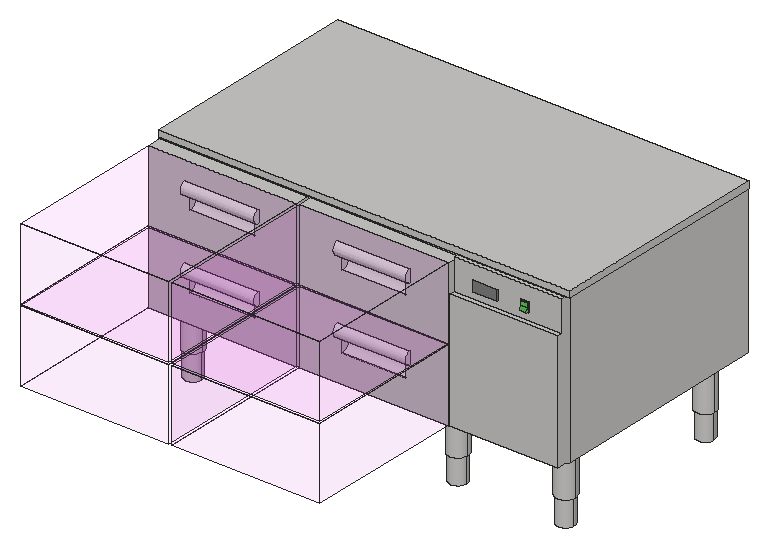
Revit family "QF_ZANUSSI_372295_Z7TTBECOMIN", category Specialty Equipment, Revit 2018 (continued)
Automatic sketch dimensions
  Split face 2 sketch curve to Extrusion 4 = 7.047 mm
  Split face 2 sketch curve to Extrusion 4 = 2.047 mm
  Split face 2 sketch curve to Extrusion 4 = 10 mm
  Split face 2 sketch curve to Split face 2 sketch curve = 11 mm
  Split face 3 sketch curve to Extrusion 4 = 7.047 mm
  Split face 3 sketch curve to Extrusion 4 = 2.047 mm
  Split face 3 sketch curve to Extrusion 4 = 23 mm
  Split face 3 sketch curve to Split face 3 sketch curve = 11 mm
  Split face 4 sketch curve to Extrusion 4 = 7.047 mm
  Split face 4 sketch curve to Extrusion 4 = 2.047 mm
  Split face 4 sketch curve to Extrusion 4 = 34 mm
  Split face 4 sketch curve to Split face 4 sketch curve = 11 mm
  Split face 5 sketch curve to Extrusion 4 = 7.047 mm
  Split face 5 sketch curve to Extrusion 4 = 2.047 mm
  Split face 5 sketch curve to Extrusion 4 = 21 mm
  Split face 5 sketch curve to Extrusion 4 = 10 mm
  Extrusion 5 sketch curve to Extrusion 5 sketch curve = 0 mm  (x3)
  Extrusion 5 sketch curve to Extrusion 3 = 0 mm
  Extrusion 3 to Extrusion 5 sketch curve = 2.279 mm
  Extrusion 5 sketch curve to Extrusion 5 sketch curve = 0.116 mm
  Extrusion 5 sketch curve to Extrusion 5 sketch curve = 12.105 mm
  Extrusion 3 to Extrusion 5 sketch curve = 3.692 mm
  Extrusion 3 to Extrusion 5 sketch curve = 2.395 mm
  Split face 6 sketch curve to Extrusion 2 = 30.5 mm
  Split face 6 sketch curve to Split face 6 sketch curve = 0.02 mm  (x2)
  Split face 6 sketch curve to Split face 6 sketch curve = 31.959 mm
  Split face 6 sketch curve to Extrusion 2 = 118.896 mm
  Split face 6 sketch curve to Split face 6 sketch curve = 4 mm
  Split face 7 sketch curve to Extrusion 2 = 30.5 mm
  Split face 7 sketch curve to Split face 7 sketch curve = 0.02 mm  (x2)
  Split face 7 sketch curve to Split face 7 sketch curve = 31.959 mm
  Split face 7 sketch curve to Extrusion 2 = 106.896 mm
  Split face 7 sketch curve to Split face 7 sketch curve = 4 mm
  Split face 8 sketch curve to Extrusion 2 = 30.5 mm
  Split face 8 sketch curve to Split face 8 sketch curve = 0.02 mm  (x2)
  Split face 8 sketch curve to Split face 8 sketch curve = 31.959 mm
  Split face 8 sketch curve to Extrusion 2 = 94.897 mm
  Split face 8 sketch curve to Split face 8 sketch curve = 4 mm
  Split face 9 sketch curve to Extrusion 2 = 30.5 mm
  Split face 9 sketch curve to Split face 9 sketch curve = 0.02 mm  (x2)
  Split face 9 sketch curve to Split face 9 sketch curve = 31.959 mm
  Split face 9 sketch curve to Extrusion 2 = 82.999 mm
  Split face 9 sketch curve to Split face 9 sketch curve = 4 mm
  Split face 10 sketch curve to Extrusion 2 = 30.5 mm
  Split face 10 sketch curve to Split face 10 sketch curve = 0.02 mm  (x2)
  Split face 10 sketch curve to Split face 10 sketch curve = 31.959 mm
  Split face 10 sketch curve to Extrusion 2 = 71 mm
  Split face 10 sketch curve to Split face 10 sketch curve = 4 mm
  Split face 11 sketch curve to Extrusion 2 = 30.5 mm
  Split face 11 sketch curve to Split face 11 sketch curve = 0.02 mm  (x2)
  Split face 11 sketch curve to Split face 11 sketch curve = 31.959 mm
  Split face 11 sketch curve to Extrusion 2 = 59 mm
  Split face 11 sketch curve to Split face 11 sketch curve = 4 mm
  Split face 12 sketch curve to Extrusion 2 = 30.5 mm
  Split face 12 sketch curve to Split face 12 sketch curve = 0.02 mm  (x2)
  Split face 12 sketch curve to Split face 12 sketch curve = 31.959 mm
  Split face 12 sketch curve to Extrusion 2 = 47 mm
  Split face 12 sketch curve to Split face 12 sketch curve = 4 mm
  Split face 13 sketch curve to Extrusion 2 = 30.5 mm
  Split face 13 sketch curve to Split face 13 sketch curve = 0.02 mm  (x2)
  Split face 13 sketch curve to Split face 13 sketch curve = 31.959 mm
  Split face 13 sketch curve to Extrusion 2 = 35 mm
  Split face 13 sketch curve to Split face 13 sketch curve = 4 mm
  Split face 14 sketch curve to Extrusion 2 = 30.5 mm
  Split face 14 sketch curve to Split face 14 sketch curve = 0.02 mm  (x2)
  Split face 14 sketch curve to Split face 14 sketch curve = 31.959 mm
  Split face 14 sketch curve to Extrusion 2 = 23 mm
  Split face 14 sketch curve to Split face 14 sketch curve = 4 mm
  Split face 15 sketch curve to Extrusion 2 = 30.5 mm
  Split face 15 sketch curve to Split face 15 sketch curve = 0.02 mm  (x2)
  Split face 15 sketch curve to Split face 15 sketch curve = 31.959 mm
  Split face 15 sketch curve to Extrusion 2 = 130.896 mm
  Split face 15 sketch curve to Split face 15 sketch curve = 4 mm
  plane 10 to Extrusion 6 sketch curve = 15 mm
  Extrusion 7 sketch curve to plane 11 = 0 mm
  Extrusion 7 sketch curve to plane 6 "BACK" = 0 mm
  Extrusion 7 sketch curve to plane 14 "TOP" = 0 mm
  plane 14 "TOP" to Extrusion 7 sketch curve = 20 mm
  Extrusion 8 sketch curve to plane 7 "FRONT" = 0 mm  (x3)
  Extrusion 8 sketch curve to plane 14 "TOP" = 90.566 mm
  Extrusion 8 sketch curve to Extrusion 8 sketch curve = 8.275 mm
  Extrusion 9 sketch curve to plane 7 "FRONT" = 0 mm
  Extrusion 9 sketch curve to plane 7 "FRONT" = 2.777 mm
  plane 7 "FRONT" to Extrusion 9 sketch curve = 21.853 mm
  Extrusion 9 sketch curve to plane 11 = 4.5 mm
  plane 15 to Extrusion 9 sketch curve = 86.706 mm
  Extrusion 9 sketch curve to Extrusion 9 sketch curve = 18.821 mm
  Extrusion 10 sketch curve to plane 7 "FRONT" = 0 mm  (x3)
  Extrusion 10 sketch curve to plane 14 "TOP" = 90.566 mm
  Extrusion 10 sketch curve to Extrusion 10 sketch curve = 8.275 mm
  Extrusion 11 sketch curve to plane 7 "FRONT" = 0 mm
  Extrusion 11 sketch curve to plane 7 "FRONT" = 2.777 mm
  plane 7 "FRONT" to Extrusion 11 sketch curve = 21.853 mm
  Extrusion 11 sketch curve to plane 11 = 4.5 mm
  plane 15 to Extrusion 11 sketch curve = 86.706 mm
  Extrusion 11 sketch curve to Extrusion 11 sketch curve = 18.821 mm
  Split face 16 sketch curve to Extrusion 2 = 30.5 mm
  Split face 16 sketch curve to Split face 16 sketch curve = 0.02 mm  (x2)
  Split face 16 sketch curve to Split face 16 sketch curve = 31.959 mm
  Split face 16 sketch curve to Extrusion 2 = 118.208 mm
  Split face 16 sketch curve to Split face 16 sketch curve = 4 mm
  Split face 17 sketch curve to Extrusion 2 = 30.5 mm
  Split face 17 sketch curve to Split face 17 sketch curve = 0.02 mm  (x2)
  Split face 17 sketch curve to Split face 17 sketch curve = 31.959 mm
  Split face 17 sketch curve to Extrusion 2 = 130.208 mm
  Split face 17 sketch curve to Split face 17 sketch curve = 4 mm
  Split face 18 sketch curve to Extrusion 2 = 30.5 mm
  Split face 18 sketch curve to Split face 18 sketch curve = 0.02 mm  (x2)
  Split face 18 sketch curve to Split face 18 sketch curve = 31.959 mm
  Split face 18 sketch curve to Extrusion 2 = 142.208 mm
  Split face 18 sketch curve to Split face 18 sketch curve = 4 mm
  Split face 19 sketch curve to Extrusion 2 = 30.5 mm
  Split face 19 sketch curve to Split face 19 sketch curve = 0.02 mm  (x2)
  Split face 19 sketch curve to Split face 19 sketch curve = 31.959 mm
  Split face 19 sketch curve to Extrusion 2 = 154.896 mm
  Split face 19 sketch curve to Split face 19 sketch curve = 4 mm
  Split face 20 sketch curve to Extrusion 2 = 30.5 mm
  Split face 20 sketch curve to Split face 20 sketch curve = 0.02 mm  (x2)
  Split face 20 sketch curve to Split face 20 sketch curve = 31.959 mm
  Split face 20 sketch curve to Extrusion 2 = 142.896 mm
  Split face 20 sketch curve to Split face 20 sketch curve = 4 mm
  Split face 21 sketch curve to Extrusion 2 = 30.5 mm
  Split face 21 sketch curve to Split face 21 sketch curve = 0.02 mm  (x2)
  Split face 21 sketch curve to Split face 21 sketch curve = 31.959 mm
  Split face 21 sketch curve to Extrusion 2 = 106.208 mm
  Split face 21 sketch curve to Split face 21 sketch curve = 4 mm
  Split face 22 sketch curve to Extrusion 2 = 14.312 mm
  Split face 22 sketch curve to Extrusion 2 = 30.5 mm
  Split face 22 sketch curve to Split face 22 sketch curve = 0.02 mm  (x2)
  Split face 22 sketch curve to Extrusion 2 = 10.312 mm
  Split face 22 sketch curve to Split face 22 sketch curve = 31.959 mm
  Split face 23 sketch curve to Extrusion 2 = 30.5 mm
  Split face 23 sketch curve to Split face 23 sketch curve = 0.02 mm  (x2)
  Split face 23 sketch curve to Split face 23 sketch curve = 31.959 mm
  Split face 23 sketch curve to Extrusion 2 = 22.312 mm
  Split face 23 sketch curve to Split face 23 sketch curve = 4 mm
  Split face 24 sketch curve to Extrusion 2 = 30.5 mm
  Split face 24 sketch curve to Split face 24 sketch curve = 0.02 mm  (x2)
  Split face 24 sketch curve to Split face 24 sketch curve = 31.959 mm
  Split face 24 sketch curve to Extrusion 2 = 34.312 mm
  Split face 24 sketch curve to Split face 24 sketch curve = 4 mm
  Split face 25 sketch curve to Extrusion 2 = 30.5 mm
  Split face 25 sketch curve to Split face 25 sketch curve = 0.02 mm  (x2)
  Split face 25 sketch curve to Split face 25 sketch curve = 31.959 mm
  Split face 25 sketch curve to Extrusion 2 = 46.209 mm
  Split face 25 sketch curve to Split face 25 sketch curve = 4 mm
  Split face 26 sketch curve to Extrusion 2 = 30.5 mm
  Split face 26 sketch curve to Split face 26 sketch curve = 0.02 mm  (x2)
  Split face 26 sketch curve to Split face 26 sketch curve = 31.959 mm
  Split face 26 sketch curve to Extrusion 2 = 58.208 mm
  Split face 26 sketch curve to Split face 26 sketch curve = 4 mm
  Split face 27 sketch curve to Extrusion 2 = 30.5 mm
  Split face 27 sketch curve to Split face 27 sketch curve = 0.02 mm  (x2)
  Split face 27 sketch curve to Split face 27 sketch curve = 31.959 mm
  Split face 27 sketch curve to Extrusion 2 = 70.208 mm
  Split face 27 sketch curve to Split face 27 sketch curve = 4 mm
  Split face 28 sketch curve to Extrusion 2 = 30.5 mm
  Split face 28 sketch curve to Split face 28 sketch curve = 0.02 mm  (x2)
  Split face 28 sketch curve to Split face 28 sketch curve = 31.959 mm
  Split face 28 sketch curve to Extrusion 2 = 82.208 mm
  Split face 28 sketch curve to Split face 28 sketch curve = 4 mm
  Split face 29 sketch curve to Extrusion 2 = 30.5 mm
  Split face 29 sketch curve to Split face 29 sketch curve = 0.02 mm  (x2)
  Split face 29 sketch curve to Split face 29 sketch curve = 31.959 mm
  Split face 29 sketch curve to Extrusion 2 = 94.208 mm
  Split face 29 sketch curve to Split face 29 sketch curve = 4 mm
  Split face 30 sketch curve to Extrusion 2 = 85.5 mm
  Split face 30 sketch curve to Split face 30 sketch curve = 0.02 mm  (x2)
  Split face 30 sketch curve to Split face 30 sketch curve = 31.959 mm
  Split face 30 sketch curve to Extrusion 2 = 118.896 mm
  Split face 30 sketch curve to Split face 30 sketch curve = 4 mm
  Split face 31 sketch curve to Extrusion 2 = 85.5 mm
  Split face 31 sketch curve to Split face 31 sketch curve = 0.02 mm  (x2)
  Split face 31 sketch curve to Split face 31 sketch curve = 31.959 mm
  Split face 31 sketch curve to Extrusion 2 = 106.896 mm
  Split face 31 sketch curve to Split face 31 sketch curve = 4 mm
  Split face 32 sketch curve to Extrusion 2 = 85.5 mm
  Split face 32 sketch curve to Split face 32 sketch curve = 0.02 mm  (x2)
  Split face 32 sketch curve to Split face 32 sketch curve = 31.959 mm
  Split face 32 sketch curve to Extrusion 2 = 94.897 mm
  Split face 32 sketch curve to Split face 32 sketch curve = 4 mm
  Split face 33 sketch curve to Extrusion 2 = 85.5 mm
  Split face 33 sketch curve to Split face 33 sketch curve = 0.02 mm  (x2)
  Split face 33 sketch curve to Split face 33 sketch curve = 31.959 mm
  Split face 33 sketch curve to Extrusion 2 = 82.999 mm
  Split face 33 sketch curve to Split face 33 sketch curve = 4 mm
  Split face 34 sketch curve to Extrusion 2 = 85.5 mm
  Split face 34 sketch curve to Split face 34 sketch curve = 0.02 mm  (x2)
  Split face 34 sketch curve to Split face 34 sketch curve = 31.959 mm
  Split face 34 sketch curve to Extrusion 2 = 71 mm
  Split face 34 sketch curve to Split face 34 sketch curve = 4 mm
  Split face 35 sketch curve to Extrusion 2 = 85.5 mm
  Split face 35 sketch curve to Split face 35 sketch curve = 0.02 mm  (x2)
  Split face 35 sketch curve to Split face 35 sketch curve = 31.959 mm
  Split face 35 sketch curve to Extrusion 2 = 59 mm
  Split face 35 sketch curve to Split face 35 sketch curve = 4 mm
  Split face 36 sketch curve to Extrusion 2 = 85.5 mm
  Split face 36 sketch curve to Split face 36 sketch curve = 0.02 mm  (x2)
  Split face 36 sketch curve to Split face 36 sketch curve = 31.959 mm
  Split face 36 sketch curve to Extrusion 2 = 47 mm
  Split face 36 sketch curve to Split face 36 sketch curve = 4 mm
  Split face 37 sketch curve to Extrusion 2 = 31 mm
  Split face 37 sketch curve to Extrusion 2 = 85.5 mm
  Split face 37 sketch curve to Split face 37 sketch curve = 0.02 mm  (x2)
  Split face 37 sketch curve to Split face 37 sketch curve = 31.959 mm
  Split face 37 sketch curve to Split face 37 sketch curve = 4 mm
  Split face 38 sketch curve to Extrusion 2 = 19 mm
  Split face 38 sketch curve to Extrusion 2 = 85.5 mm
  Split face 38 sketch curve to Split face 38 sketch curve = 0.02 mm  (x2)
  Split face 38 sketch curve to Split face 38 sketch curve = 31.959 mm
  Split face 38 sketch curve to Split face 38 sketch curve = 4 mm
  Split face 39 sketch curve to Extrusion 2 = 85.5 mm
  Split face 39 sketch curve to Split face 39 sketch curve = 0.02 mm  (x2)
  Split face 39 sketch curve to Split face 39 sketch curve = 31.959 mm
  Split face 39 sketch curve to Extrusion 2 = 130.896 mm
  Split face 39 sketch curve to Split face 39 sketch curve = 4 mm
  Split face 40 sketch curve to Extrusion 2 = 85.5 mm
  Split face 40 sketch curve to Split face 40 sketch curve = 0.02 mm  (x2)
  Split face 40 sketch curve to Split face 40 sketch curve = 31.959 mm
  Split face 40 sketch curve to Extrusion 2 = 118.208 mm
  Split face 40 sketch curve to Split face 40 sketch curve = 4 mm
  Split face 41 sketch curve to Extrusion 2 = 85.5 mm
  Split face 41 sketch curve to Split face 41 sketch curve = 0.02 mm  (x2)
  Split face 41 sketch curve to Split face 41 sketch curve = 31.959 mm
  Split face 41 sketch curve to Extrusion 2 = 130.208 mm
  Split face 41 sketch curve to Split face 41 sketch curve = 4 mm
  Split face 42 sketch curve to Extrusion 2 = 85.5 mm
  Split face 42 sketch curve to Split face 42 sketch curve = 0.02 mm  (x2)
  Split face 42 sketch curve to Split face 42 sketch curve = 31.959 mm
  Split face 42 sketch curve to Extrusion 2 = 142.208 mm
  Split face 42 sketch curve to Split face 42 sketch curve = 4 mm
  Split face 43 sketch curve to Extrusion 2 = 85.5 mm
  Split face 43 sketch curve to Split face 43 sketch curve = 0.02 mm  (x2)
  Split face 43 sketch curve to Split face 43 sketch curve = 31.959 mm
  Split face 43 sketch curve to Extrusion 2 = 154.896 mm
  Split face 43 sketch curve to Split face 43 sketch curve = 4 mm
  Split face 44 sketch curve to Extrusion 2 = 85.5 mm
  Split face 44 sketch curve to Split face 44 sketch curve = 0.02 mm  (x2)
  Split face 44 sketch curve to Split face 44 sketch curve = 31.959 mm
  Split face 44 sketch curve to Extrusion 2 = 142.896 mm
  Split face 44 sketch curve to Split face 44 sketch curve = 4 mm
  Split face 45 sketch curve to Extrusion 2 = 85.5 mm
  Split face 45 sketch curve to Split face 45 sketch curve = 0.02 mm  (x2)
  Split face 45 sketch curve to Split face 45 sketch curve = 31.959 mm
  Split face 45 sketch curve to Extrusion 2 = 106.208 mm
  Split face 45 sketch curve to Split face 45 sketch curve = 4 mm
  Split face 46 sketch curve to Extrusion 2 = 14.312 mm
  Split face 46 sketch curve to Extrusion 2 = 85.5 mm
  Split face 46 sketch curve to Split face 46 sketch curve = 0.02 mm  (x2)
  Split face 46 sketch curve to Extrusion 2 = 10.312 mm
  Split face 46 sketch curve to Split face 46 sketch curve = 31.959 mm
  Split face 47 sketch curve to Extrusion 2 = 26.312 mm
  Split face 47 sketch curve to Extrusion 2 = 85.5 mm
  Split face 47 sketch curve to Split face 47 sketch curve = 0.02 mm  (x2)
  Split face 47 sketch curve to Split face 47 sketch curve = 31.959 mm
  Split face 47 sketch curve to Split face 47 sketch curve = 4 mm
  Split face 48 sketch curve to Extrusion 2 = 38.311 mm
  Split face 48 sketch curve to Extrusion 2 = 85.5 mm
  Split face 48 sketch curve to Split face 48 sketch curve = 0.02 mm  (x2)
  Split face 48 sketch curve to Split face 48 sketch curve = 31.959 mm
  Split face 48 sketch curve to Split face 48 sketch curve = 4 mm
  Split face 49 sketch curve to Extrusion 2 = 85.5 mm
  Split face 49 sketch curve to Split face 49 sketch curve = 0.02 mm  (x2)
  Split face 49 sketch curve to Split face 49 sketch curve = 31.959 mm
  Split face 49 sketch curve to Extrusion 2 = 46.209 mm
  Split face 49 sketch curve to Split face 49 sketch curve = 4 mm
  Split face 50 sketch curve to Extrusion 2 = 85.5 mm
  Split face 50 sketch curve to Split face 50 sketch curve = 0.02 mm  (x2)
  Split face 50 sketch curve to Split face 50 sketch curve = 31.959 mm
  Split face 50 sketch curve to Extrusion 2 = 58.208 mm
  Split face 50 sketch curve to Split face 50 sketch curve = 4 mm
  Split face 51 sketch curve to Extrusion 2 = 85.5 mm
  Split face 51 sketch curve to Split face 51 sketch curve = 0.02 mm  (x2)
  Split face 51 sketch curve to Split face 51 sketch curve = 31.959 mm
  Split face 51 sketch curve to Extrusion 2 = 70.208 mm
  Split face 51 sketch curve to Split face 51 sketch curve = 4 mm
  Split face 52 sketch curve to Extrusion 2 = 85.5 mm
  Split face 52 sketch curve to Split face 52 sketch curve = 0.02 mm  (x2)
  Split face 52 sketch curve to Split face 52 sketch curve = 31.959 mm
  Split face 52 sketch curve to Extrusion 2 = 82.208 mm
  Split face 52 sketch curve to Split face 52 sketch curve = 4 mm
  Split face 53 sketch curve to Extrusion 2 = 85.5 mm
  Split face 53 sketch curve to Split face 53 sketch curve = 0.02 mm  (x2)
  Split face 53 sketch curve to Split face 53 sketch curve = 31.959 mm
  Split face 53 sketch curve to Extrusion 2 = 94.208 mm
  Split face 53 sketch curve to Split face 53 sketch curve = 4 mm
  Split face 54 sketch curve to Extrusion 2 = 140.5 mm
  Split face 54 sketch curve to Split face 54 sketch curve = 0.02 mm  (x2)
  Split face 54 sketch curve to Split face 54 sketch curve = 31.959 mm
  Split face 54 sketch curve to Extrusion 2 = 118.896 mm
  Split face 54 sketch curve to Split face 54 sketch curve = 4 mm
  Split face 55 sketch curve to Extrusion 2 = 140.5 mm
  Split face 55 sketch curve to Split face 55 sketch curve = 0.02 mm  (x2)
  Split face 55 sketch curve to Split face 55 sketch curve = 31.959 mm
  Split face 55 sketch curve to Extrusion 2 = 106.896 mm
  Split face 55 sketch curve to Split face 55 sketch curve = 4 mm
  Split face 56 sketch curve to Extrusion 2 = 140.5 mm
  Split face 56 sketch curve to Split face 56 sketch curve = 0.02 mm  (x2)
  Split face 56 sketch curve to Split face 56 sketch curve = 31.959 mm
  Split face 56 sketch curve to Extrusion 2 = 94.897 mm
  Split face 56 sketch curve to Split face 56 sketch curve = 4 mm
  Split face 57 sketch curve to Extrusion 2 = 140.5 mm
  Split face 57 sketch curve to Split face 57 sketch curve = 0.02 mm  (x2)
  Split face 57 sketch curve to Split face 57 sketch curve = 31.959 mm
  Split face 57 sketch curve to Extrusion 2 = 82.999 mm
  Split face 57 sketch curve to Split face 57 sketch curve = 4 mm
  Split face 58 sketch curve to Extrusion 2 = 67 mm
  Split face 58 sketch curve to Extrusion 2 = 140.5 mm
  Split face 58 sketch curve to Split face 58 sketch curve = 0.02 mm  (x2)
  Split face 58 sketch curve to Split face 58 sketch curve = 31.959 mm
  Split face 58 sketch curve to Split face 58 sketch curve = 4 mm
  Split face 59 sketch curve to Extrusion 2 = 55 mm
  Split face 59 sketch curve to Extrusion 2 = 140.5 mm
  Split face 59 sketch curve to Split face 59 sketch curve = 0.02 mm  (x2)
  Split face 59 sketch curve to Split face 59 sketch curve = 31.959 mm
  Split face 59 sketch curve to Split face 59 sketch curve = 4 mm
  Split face 60 sketch curve to Extrusion 2 = 43 mm
  Split face 60 sketch curve to Extrusion 2 = 140.5 mm
  Split face 60 sketch curve to Split face 60 sketch curve = 0.02 mm  (x2)
  Split face 60 sketch curve to Split face 60 sketch curve = 31.959 mm
  Split face 60 sketch curve to Split face 60 sketch curve = 4 mm
  Split face 61 sketch curve to Extrusion 2 = 31 mm
  Split face 61 sketch curve to Extrusion 2 = 140.5 mm
  Split face 61 sketch curve to Split face 61 sketch curve = 0.02 mm  (x2)
  Split face 61 sketch curve to Split face 61 sketch curve = 31.959 mm
  Split face 61 sketch curve to Split face 61 sketch curve = 4 mm
  Split face 62 sketch curve to Extrusion 2 = 19 mm
  Split face 62 sketch curve to Extrusion 2 = 140.5 mm
  Split face 62 sketch curve to Split face 62 sketch curve = 0.02 mm  (x2)
  Split face 62 sketch curve to Split face 62 sketch curve = 31.959 mm
  Split face 62 sketch curve to Split face 62 sketch curve = 4 mm
  Split face 63 sketch curve to Extrusion 2 = 140.5 mm
  Split face 63 sketch curve to Split face 63 sketch curve = 0.02 mm  (x2)
  Split face 63 sketch curve to Split face 63 sketch curve = 31.959 mm
  Split face 63 sketch curve to Extrusion 2 = 130.896 mm
  Split face 63 sketch curve to Split face 63 sketch curve = 4 mm
  Split face 64 sketch curve to Extrusion 2 = 140.5 mm
  Split face 64 sketch curve to Split face 64 sketch curve = 0.02 mm  (x2)
  Split face 64 sketch curve to Split face 64 sketch curve = 31.959 mm
  Split face 64 sketch curve to Extrusion 2 = 118.208 mm
  Split face 64 sketch curve to Split face 64 sketch curve = 4 mm
  Split face 65 sketch curve to Extrusion 2 = 140.5 mm
  Split face 65 sketch curve to Split face 65 sketch curve = 0.02 mm  (x2)
  Split face 65 sketch curve to Split face 65 sketch curve = 31.959 mm
  Split face 65 sketch curve to Extrusion 2 = 130.208 mm
  Split face 65 sketch curve to Split face 65 sketch curve = 4 mm
  Split face 66 sketch curve to Extrusion 2 = 140.5 mm
  Split face 66 sketch curve to Split face 66 sketch curve = 0.02 mm  (x2)
  Split face 66 sketch curve to Split face 66 sketch curve = 31.959 mm
  Split face 66 sketch curve to Extrusion 2 = 142.208 mm
  Split face 66 sketch curve to Split face 66 sketch curve = 4 mm
  Split face 67 sketch curve to Extrusion 2 = 140.5 mm
  Split face 67 sketch curve to Split face 67 sketch curve = 0.02 mm  (x2)
  Split face 67 sketch curve to Split face 67 sketch curve = 31.959 mm
  Split face 67 sketch curve to Extrusion 2 = 154.896 mm
  Split face 67 sketch curve to Split face 67 sketch curve = 4 mm
  Split face 68 sketch curve to Extrusion 2 = 140.5 mm
  Split face 68 sketch curve to Split face 68 sketch curve = 0.02 mm  (x2)
  Split face 68 sketch curve to Split face 68 sketch curve = 31.959 mm
  Split face 68 sketch curve to Extrusion 2 = 142.896 mm
  Split face 68 sketch curve to Split face 68 sketch curve = 4 mm
  Split face 69 sketch curve to Extrusion 2 = 140.5 mm
  Split face 69 sketch curve to Split face 69 sketch curve = 0.02 mm  (x2)
  Split face 69 sketch curve to Split face 69 sketch curve = 31.959 mm
  Split face 69 sketch curve to Extrusion 2 = 106.208 mm
  Split face 69 sketch curve to Split face 69 sketch curve = 4 mm
  Split face 70 sketch curve to Extrusion 2 = 14.312 mm
  Split face 70 sketch curve to Extrusion 2 = 140.5 mm
  Split face 70 sketch curve to Split face 70 sketch curve = 0.02 mm  (x2)
  Split face 70 sketch curve to Extrusion 2 = 10.312 mm
  Split face 70 sketch curve to Split face 70 sketch curve = 31.959 mm
  Split face 71 sketch curve to Extrusion 2 = 26.312 mm
  Split face 71 sketch curve to Extrusion 2 = 140.5 mm
  Split face 71 sketch curve to Split face 71 sketch curve = 0.02 mm  (x2)
  Split face 71 sketch curve to Split face 71 sketch curve = 31.959 mm
  Split face 71 sketch curve to Split face 71 sketch curve = 4 mm
  Split face 72 sketch curve to Extrusion 2 = 38.311 mm
  Split face 72 sketch curve to Extrusion 2 = 140.5 mm
  Split face 72 sketch curve to Split face 72 sketch curve = 0.02 mm  (x2)
  Split face 72 sketch curve to Split face 72 sketch curve = 31.959 mm
  Split face 72 sketch curve to Split face 72 sketch curve = 4 mm
  Split face 73 sketch curve to Extrusion 2 = 50.209 mm
  Split face 73 sketch curve to Extrusion 2 = 140.5 mm
  Split face 73 sketch curve to Split face 73 sketch curve = 0.02 mm  (x2)
  Split face 73 sketch curve to Split face 73 sketch curve = 31.959 mm
  Split face 73 sketch curve to Split face 73 sketch curve = 4 mm
  Split face 74 sketch curve to Extrusion 2 = 62.208 mm
  Split face 74 sketch curve to Extrusion 2 = 140.5 mm
  Split face 74 sketch curve to Split face 74 sketch curve = 0.02 mm  (x2)
  Split face 74 sketch curve to Split face 74 sketch curve = 31.959 mm
  Split face 74 sketch curve to Split face 74 sketch curve = 4 mm
  Split face 75 sketch curve to Extrusion 2 = 140.5 mm
  Split face 75 sketch curve to Split face 75 sketch curve = 0.02 mm  (x2)
  Split face 75 sketch curve to Split face 75 sketch curve = 31.959 mm
  Split face 75 sketch curve to Extrusion 2 = 70.208 mm
  Split face 75 sketch curve to Split face 75 sketch curve = 4 mm
  Split face 76 sketch curve to Extrusion 2 = 140.5 mm
  Split face 76 sketch curve to Split face 76 sketch curve = 0.02 mm  (x2)
  Split face 76 sketch curve to Split face 76 sketch curve = 31.959 mm
  Split face 76 sketch curve to Extrusion 2 = 82.208 mm
  Split face 76 sketch curve to Split face 76 sketch curve = 4 mm
  Split face 77 sketch curve to Extrusion 2 = 140.5 mm
  Split face 77 sketch curve to Split face 77 sketch curve = 0.02 mm  (x2)
  Split face 77 sketch curve to Split face 77 sketch curve = 31.959 mm
  Split face 77 sketch curve to Extrusion 2 = 94.208 mm
  Split face 77 sketch curve to Split face 77 sketch curve = 4 mm
  Split face 78 sketch curve to Extrusion 2 = 117.5 mm
  Split face 78 sketch curve to Split face 78 sketch curve = 0.02 mm  (x2)
  Split face 78 sketch curve to Split face 78 sketch curve = 31.959 mm
  Split face 78 sketch curve to Extrusion 2 = 118.896 mm
  Split face 78 sketch curve to Split face 78 sketch curve = 4 mm
  Split face 79 sketch curve to Extrusion 2 = 117.5 mm
  Split face 79 sketch curve to Split face 79 sketch curve = 0.02 mm  (x2)
  Split face 79 sketch curve to Split face 79 sketch curve = 31.959 mm
  Split face 79 sketch curve to Extrusion 2 = 106.896 mm
  Split face 79 sketch curve to Split face 79 sketch curve = 4 mm
  Split face 80 sketch curve to Extrusion 2 = 117.5 mm
  Split face 80 sketch curve to Split face 80 sketch curve = 0.02 mm  (x2)
  Split face 80 sketch curve to Split face 80 sketch curve = 31.959 mm
  Split face 80 sketch curve to Extrusion 2 = 94.897 mm
  Split face 80 sketch curve to Split face 80 sketch curve = 4 mm
  Split face 81 sketch curve to Extrusion 2 = 117.5 mm
  Split face 81 sketch curve to Split face 81 sketch curve = 0.02 mm  (x2)
  Split face 81 sketch curve to Split face 81 sketch curve = 31.959 mm
  Split face 81 sketch curve to Extrusion 2 = 82.999 mm
  Split face 81 sketch curve to Split face 81 sketch curve = 4 mm
  Split face 82 sketch curve to Extrusion 2 = 117.5 mm
  Split face 82 sketch curve to Split face 82 sketch curve = 0.02 mm  (x2)
  Split face 82 sketch curve to Split face 82 sketch curve = 31.959 mm
  Split face 82 sketch curve to Extrusion 2 = 71 mm
  Split face 82 sketch curve to Split face 82 sketch curve = 4 mm
  Split face 83 sketch curve to Extrusion 2 = 55 mm
  Split face 83 sketch curve to Extrusion 2 = 117.5 mm
  Split face 83 sketch curve to Split face 83 sketch curve = 0.02 mm  (x2)
  Split face 83 sketch curve to Split face 83 sketch curve = 31.959 mm
  Split face 83 sketch curve to Split face 83 sketch curve = 4 mm
  Split face 84 sketch curve to Extrusion 2 = 43 mm
  Split face 84 sketch curve to Extrusion 2 = 117.5 mm
  Split face 84 sketch curve to Split face 84 sketch curve = 0.02 mm  (x2)
  Split face 84 sketch curve to Split face 84 sketch curve = 31.959 mm
  Split face 84 sketch curve to Split face 84 sketch curve = 4 mm
  Split face 85 sketch curve to Extrusion 2 = 31 mm
  Split face 85 sketch curve to Extrusion 2 = 117.5 mm
  Split face 85 sketch curve to Split face 85 sketch curve = 0.02 mm  (x2)
  Split face 85 sketch curve to Split face 85 sketch curve = 31.959 mm
  Split face 85 sketch curve to Split face 85 sketch curve = 4 mm
  Split face 86 sketch curve to Extrusion 2 = 19 mm
  Split face 86 sketch curve to Extrusion 2 = 117.5 mm
  Split face 86 sketch curve to Split face 86 sketch curve = 0.02 mm  (x2)
  Split face 86 sketch curve to Split face 86 sketch curve = 31.959 mm
  Split face 86 sketch curve to Split face 86 sketch curve = 4 mm
  Split face 87 sketch curve to Extrusion 2 = 117.5 mm
  Split face 87 sketch curve to Split face 87 sketch curve = 0.02 mm  (x2)
  Split face 87 sketch curve to Split face 87 sketch curve = 31.959 mm
  Split face 87 sketch curve to Extrusion 2 = 130.896 mm
  Split face 87 sketch curve to Split face 87 sketch curve = 4 mm
  Split face 88 sketch curve to Extrusion 2 = 117.5 mm
  Split face 88 sketch curve to Split face 88 sketch curve = 0.02 mm  (x2)
  Split face 88 sketch curve to Split face 88 sketch curve = 31.959 mm
  Split face 88 sketch curve to Extrusion 2 = 118.208 mm
  Split face 88 sketch curve to Split face 88 sketch curve = 4 mm
  Split face 89 sketch curve to Extrusion 2 = 117.5 mm
  Split face 89 sketch curve to Split face 89 sketch curve = 0.02 mm  (x2)
  Split face 89 sketch curve to Split face 89 sketch curve = 31.959 mm
  Split face 89 sketch curve to Extrusion 2 = 130.208 mm
  Split face 89 sketch curve to Split face 89 sketch curve = 4 mm
  Split face 90 sketch curve to Extrusion 2 = 117.5 mm
  Split face 90 sketch curve to Split face 90 sketch curve = 0.02 mm  (x2)
  Split face 90 sketch curve to Split face 90 sketch curve = 31.959 mm
  Split face 90 sketch curve to Extrusion 2 = 142.208 mm
  Split face 90 sketch curve to Split face 90 sketch curve = 4 mm
  Split face 91 sketch curve to Extrusion 2 = 117.5 mm
  Split face 91 sketch curve to Split face 91 sketch curve = 0.02 mm  (x2)
  Split face 91 sketch curve to Split face 91 sketch curve = 31.959 mm
  Split face 91 sketch curve to Extrusion 2 = 154.896 mm
  Split face 91 sketch curve to Split face 91 sketch curve = 4 mm
  Split face 92 sketch curve to Extrusion 2 = 117.5 mm
  Split face 92 sketch curve to Split face 92 sketch curve = 0.02 mm  (x2)
  Split face 92 sketch curve to Split face 92 sketch curve = 31.959 mm
  Split face 92 sketch curve to Extrusion 2 = 142.896 mm
  Split face 92 sketch curve to Split face 92 sketch curve = 4 mm
  Split face 93 sketch curve to Extrusion 2 = 117.5 mm
  Split face 93 sketch curve to Split face 93 sketch curve = 0.02 mm  (x2)
  Split face 93 sketch curve to Split face 93 sketch curve = 31.959 mm
  Split face 93 sketch curve to Extrusion 2 = 106.208 mm
  Split face 93 sketch curve to Split face 93 sketch curve = 4 mm
  Split face 94 sketch curve to Extrusion 2 = 14.312 mm
  Split face 94 sketch curve to Extrusion 2 = 117.5 mm
  Split face 94 sketch curve to Split face 94 sketch curve = 0.02 mm  (x2)
  Split face 94 sketch curve to Extrusion 2 = 10.312 mm
  Split face 94 sketch curve to Split face 94 sketch curve = 31.959 mm
  Split face 95 sketch curve to Extrusion 2 = 26.312 mm
  Split face 95 sketch curve to Extrusion 2 = 117.5 mm
  Split face 95 sketch curve to Split face 95 sketch curve = 0.02 mm  (x2)
  Split face 95 sketch curve to Split face 95 sketch curve = 31.959 mm
  Split face 95 sketch curve to Split face 95 sketch curve = 4 mm
  Split face 96 sketch curve to Extrusion 2 = 38.311 mm
  Split face 96 sketch curve to Extrusion 2 = 117.5 mm
  Split face 96 sketch curve to Split face 96 sketch curve = 0.02 mm  (x2)
  Split face 96 sketch curve to Split face 96 sketch curve = 31.959 mm
  Split face 96 sketch curve to Split face 96 sketch curve = 4 mm
  Split face 97 sketch curve to Extrusion 2 = 50.209 mm
  Split face 97 sketch curve to Extrusion 2 = 117.5 mm
  Split face 97 sketch curve to Split face 97 sketch curve = 0.02 mm  (x2)
  Split face 97 sketch curve to Split face 97 sketch curve = 31.959 mm
  Split face 97 sketch curve to Split face 97 sketch curve = 4 mm
  Split face 98 sketch curve to Extrusion 2 = 117.5 mm
  Split face 98 sketch curve to Split face 98 sketch curve = 0.02 mm  (x2)
  Split face 98 sketch curve to Split face 98 sketch curve = 31.959 mm
  Split face 98 sketch curve to Extrusion 2 = 58.208 mm
  Split face 98 sketch curve to Split face 98 sketch curve = 4 mm
  Split face 99 sketch curve to Extrusion 2 = 117.5 mm
  Split face 99 sketch curve to Split face 99 sketch curve = 0.02 mm  (x2)
  Split face 99 sketch curve to Split face 99 sketch curve = 31.959 mm
  Split face 99 sketch curve to Extrusion 2 = 70.208 mm
  Split face 99 sketch curve to Split face 99 sketch curve = 4 mm
  Split face 100 sketch curve to Extrusion 2 = 117.5 mm
  Split face 100 sketch curve to Split face 100 sketch curve = 0.02 mm  (x2)
  Split face 100 sketch curve to Split face 100 sketch curve = 31.959 mm
  Split face 100 sketch curve to Extrusion 2 = 82.208 mm
  Split face 100 sketch curve to Split face 100 sketch curve = 4 mm
  Split face 101 sketch curve to Extrusion 2 = 117.5 mm
  Split face 101 sketch curve to Split face 101 sketch curve = 0.02 mm  (x2)
  Split face 101 sketch curve to Split face 101 sketch curve = 31.959 mm
  Split face 101 sketch curve to Extrusion 2 = 94.208 mm
  Split face 101 sketch curve to Split face 101 sketch curve = 4 mm
  Split face 102 sketch curve to Extrusion 2 = 62.5 mm
  Split face 102 sketch curve to Split face 102 sketch curve = 0.02 mm  (x2)
  Split face 102 sketch curve to Extrusion 2 = 30.521 mm
  Split face 102 sketch curve to Extrusion 2 = 118.896 mm
  Split face 102 sketch curve to Split face 102 sketch curve = 4 mm
  Split face 103 sketch curve to Extrusion 2 = 62.5 mm
  Split face 103 sketch curve to Split face 103 sketch curve = 0.02 mm  (x2)
  Split face 103 sketch curve to Extrusion 2 = 30.521 mm
  Split face 103 sketch curve to Extrusion 2 = 106.896 mm
  Split face 103 sketch curve to Split face 103 sketch curve = 4 mm
  Split face 104 sketch curve to Extrusion 2 = 62.5 mm
  Split face 104 sketch curve to Split face 104 sketch curve = 0.02 mm  (x2)
  Split face 104 sketch curve to Extrusion 2 = 30.521 mm
  Split face 104 sketch curve to Extrusion 2 = 94.897 mm
  Split face 104 sketch curve to Split face 104 sketch curve = 4 mm
  Split face 105 sketch curve to Extrusion 2 = 62.5 mm
  Split face 105 sketch curve to Split face 105 sketch curve = 0.02 mm  (x2)
  Split face 105 sketch curve to Extrusion 2 = 30.521 mm
  Split face 105 sketch curve to Extrusion 2 = 82.999 mm
  Split face 105 sketch curve to Split face 105 sketch curve = 4 mm
  Split face 106 sketch curve to Extrusion 2 = 62.5 mm
  Split face 106 sketch curve to Split face 106 sketch curve = 0.02 mm  (x2)
  Split face 106 sketch curve to Extrusion 2 = 30.521 mm
  Split face 106 sketch curve to Extrusion 2 = 71 mm
  Split face 106 sketch curve to Split face 106 sketch curve = 4 mm
  Split face 107 sketch curve to Extrusion 2 = 62.5 mm
  Split face 107 sketch curve to Split face 107 sketch curve = 0.02 mm  (x2)
  Split face 107 sketch curve to Extrusion 2 = 30.521 mm
  Split face 107 sketch curve to Extrusion 2 = 59 mm
  Split face 107 sketch curve to Split face 107 sketch curve = 4 mm
  Split face 108 sketch curve to Extrusion 2 = 62.5 mm
  Split face 108 sketch curve to Split face 108 sketch curve = 0.02 mm  (x2)
  Split face 108 sketch curve to Extrusion 2 = 30.521 mm
  Split face 108 sketch curve to Extrusion 2 = 47 mm
  Split face 108 sketch curve to Split face 108 sketch curve = 4 mm
  Split face 109 sketch curve to Extrusion 2 = 31 mm
  Split face 109 sketch curve to Extrusion 2 = 62.5 mm
  Split face 109 sketch curve to Split face 109 sketch curve = 0.02 mm  (x2)
  Split face 109 sketch curve to Extrusion 2 = 30.521 mm
  Split face 109 sketch curve to Split face 109 sketch curve = 4 mm
  Split face 110 sketch curve to Extrusion 2 = 19 mm
  Split face 110 sketch curve to Extrusion 2 = 62.5 mm
  Split face 110 sketch curve to Split face 110 sketch curve = 0.02 mm  (x2)
  Split face 110 sketch curve to Extrusion 2 = 30.521 mm
  Split face 110 sketch curve to Split face 110 sketch curve = 4 mm
  Split face 111 sketch curve to Extrusion 2 = 62.5 mm
  Split face 111 sketch curve to Split face 111 sketch curve = 0.02 mm  (x2)
  Split face 111 sketch curve to Extrusion 2 = 30.521 mm
  Split face 111 sketch curve to Extrusion 2 = 130.896 mm
  Split face 111 sketch curve to Split face 111 sketch curve = 4 mm
  Split face 112 sketch curve to Extrusion 2 = 62.5 mm
  Split face 112 sketch curve to Split face 112 sketch curve = 0.02 mm  (x2)
  Split face 112 sketch curve to Extrusion 2 = 30.521 mm
  Split face 112 sketch curve to Extrusion 2 = 118.208 mm
  Split face 112 sketch curve to Split face 112 sketch curve = 4 mm
  Split face 113 sketch curve to Extrusion 2 = 62.5 mm
  Split face 113 sketch curve to Split face 113 sketch curve = 0.02 mm  (x2)
  Split face 113 sketch curve to Extrusion 2 = 30.521 mm
  Split face 113 sketch curve to Extrusion 2 = 130.208 mm
  Split face 113 sketch curve to Split face 113 sketch curve = 4 mm
  Split face 114 sketch curve to Extrusion 2 = 62.5 mm
  Split face 114 sketch curve to Split face 114 sketch curve = 0.02 mm  (x2)
  Split face 114 sketch curve to Extrusion 2 = 30.521 mm
  Split face 114 sketch curve to Extrusion 2 = 142.208 mm
  Split face 114 sketch curve to Split face 114 sketch curve = 4 mm
  Split face 115 sketch curve to Extrusion 2 = 62.5 mm
  Split face 115 sketch curve to Split face 115 sketch curve = 0.02 mm  (x2)
  Split face 115 sketch curve to Extrusion 2 = 30.521 mm
  Split face 115 sketch curve to Extrusion 2 = 154.896 mm
  Split face 115 sketch curve to Split face 115 sketch curve = 4 mm
  Split face 116 sketch curve to Extrusion 2 = 62.5 mm
  Split face 116 sketch curve to Split face 116 sketch curve = 0.02 mm  (x2)
  Split face 116 sketch curve to Extrusion 2 = 30.521 mm
  Split face 116 sketch curve to Extrusion 2 = 142.896 mm
  Split face 116 sketch curve to Split face 116 sketch curve = 4 mm
  Split face 117 sketch curve to Extrusion 2 = 62.5 mm
  Split face 117 sketch curve to Split face 117 sketch curve = 0.02 mm  (x2)
  Split face 117 sketch curve to Extrusion 2 = 30.521 mm
  Split face 117 sketch curve to Extrusion 2 = 106.208 mm
  Split face 117 sketch curve to Split face 117 sketch curve = 4 mm
  Split face 118 sketch curve to Extrusion 2 = 14.312 mm
  Split face 118 sketch curve to Extrusion 2 = 62.5 mm
  Split face 118 sketch curve to Split face 118 sketch curve = 0.02 mm  (x2)
  Split face 118 sketch curve to Extrusion 2 = 30.521 mm
  Split face 118 sketch curve to Split face 118 sketch curve = 4 mm
  Split face 119 sketch curve to Extrusion 2 = 26.312 mm
  Split face 119 sketch curve to Extrusion 2 = 62.5 mm
  Split face 119 sketch curve to Split face 119 sketch curve = 0.02 mm  (x2)
  Split face 119 sketch curve to Extrusion 2 = 30.521 mm
  Split face 119 sketch curve to Split face 119 sketch curve = 4 mm
  Split face 120 sketch curve to Extrusion 2 = 62.5 mm
  Split face 120 sketch curve to Split face 120 sketch curve = 0.02 mm  (x2)
  Split face 120 sketch curve to Extrusion 2 = 30.521 mm
  Split face 120 sketch curve to Extrusion 2 = 34.312 mm
  Split face 120 sketch curve to Split face 120 sketch curve = 4 mm
  Split face 121 sketch curve to Extrusion 2 = 62.5 mm
  Split face 121 sketch curve to Split face 121 sketch curve = 0.02 mm  (x2)
  Split face 121 sketch curve to Extrusion 2 = 30.521 mm
  Split face 121 sketch curve to Extrusion 2 = 46.209 mm
  Split face 121 sketch curve to Split face 121 sketch curve = 4 mm
  Split face 122 sketch curve to Extrusion 2 = 62.5 mm
  Split face 122 sketch curve to Split face 122 sketch curve = 0.02 mm  (x2)
  Split face 122 sketch curve to Extrusion 2 = 30.521 mm
  Split face 122 sketch curve to Extrusion 2 = 58.208 mm
  Split face 122 sketch curve to Split face 122 sketch curve = 4 mm
  Split face 123 sketch curve to Extrusion 2 = 62.5 mm
  Split face 123 sketch curve to Split face 123 sketch curve = 0.02 mm  (x2)
  Split face 123 sketch curve to Extrusion 2 = 30.521 mm
  Split face 123 sketch curve to Extrusion 2 = 70.208 mm
  Split face 123 sketch curve to Split face 123 sketch curve = 4 mm
  Split face 124 sketch curve to Extrusion 2 = 62.5 mm
  Split face 124 sketch curve to Split face 124 sketch curve = 0.02 mm  (x2)
  Split face 124 sketch curve to Extrusion 2 = 30.521 mm
  Split face 124 sketch curve to Extrusion 2 = 82.208 mm
  Split face 124 sketch curve to Split face 124 sketch curve = 4 mm
  Split face 125 sketch curve to Extrusion 2 = 62.5 mm
  Split face 125 sketch curve to Split face 125 sketch curve = 0.02 mm  (x2)
  Split face 125 sketch curve to Extrusion 2 = 30.521 mm
  Split face 125 sketch curve to Extrusion 2 = 94.208 mm
  Split face 125 sketch curve to Split face 125 sketch curve = 4 mm
  Extrusion 14 sketch curve to plane 7 "FRONT" = 0 mm  (x3)
  Extrusion 14 sketch curve to plane 15 = 90.566 mm
  Extrusion 14 sketch curve to Extrusion 14 sketch curve = 8.275 mm
  Extrusion 15 sketch curve to plane 7 "FRONT" = 0 mm
  Extrusion 15 sketch curve to plane 7 "FRONT" = 2.777 mm
  plane 7 "FRONT" to Extrusion 15 sketch curve = 21.853 mm
  Extrusion 15 sketch curve to plane 11 = 4.5 mm
  plane 13 to Extrusion 15 sketch curve = 86.706 mm
  Extrusion 15 sketch curve to Extrusion 15 sketch curve = 18.821 mm
  Extrusion 16 sketch curve to plane 7 "FRONT" = 0 mm  (x3)
  Extrusion 16 sketch curve to plane 15 = 90.566 mm
  Extrusion 16 sketch curve to Extrusion 16 sketch curve = 8.275 mm
  Extrusion 17 sketch curve to plane 7 "FRONT" = 0 mm
  Extrusion 17 sketch curve to plane 7 "FRONT" = 2.777 mm
  plane 7 "FRONT" to Extrusion 17 sketch curve = 21.853 mm
  Extrusion 17 sketch curve to plane 11 = 4.5 mm
  plane 13 to Extrusion 17 sketch curve = 86.706 mm
  Extrusion 17 sketch curve to Extrusion 17 sketch curve = 18.821 mm
  Extrusion 1 sketch curve to plane 6 "BACK" = 0 mm
  Extrusion 1 sketch curve to plane 11 = 0 mm
  plane 15 to Extrusion 12 sketch curve = 3.503 mm
  Extrusion 12 sketch curve to plane 3 "Centro (Sinistra/Destra)" = 160.999 mm
  Extrusion 12 sketch curve to plane 14 "TOP" = 0.8 mm  (x2)
  Extrusion 12 sketch curve to Extrusion 12 sketch curve = 7.999 mm
  plane 12 to Extrusion 12 sketch curve = 51 mm
  plane 15 to Extrusion 12 sketch curve = 3.9 mm
  Extrusion 13 sketch curve to plane 14 "TOP" = 0.8 mm  (x2)
  plane 12 to Extrusion 13 sketch curve = 51 mm
  Extrusion 13 sketch curve to plane 12 = 72.699 mm
  Extrusion 13 sketch curve to plane 3 "Centro (Sinistra/Destra)" = 29.3 mm
  plane 15 to Extrusion 13 sketch curve = 3.9 mm
  Extrusion 13 sketch curve to Extrusion 13 sketch curve = 123.7 mm  (x2)
  Extrusion 13 sketch curve to Extrusion 13 sketch curve = 7.999 mm
  plane 9 to Extrusion 13 sketch curve = 68.7 mm
  plane 15 to Extrusion 13 sketch curve = 3.503 mm
  plane 15 to Extrusion 13 sketch curve = 86.706 mm  (x2)
  Extrusion 13 sketch curve to Extrusion 13 sketch curve = 43.294 mm  (x2)
  plane 13 to Extrusion 18 sketch curve = 3.503 mm
  Extrusion 18 sketch curve to plane 3 "Centro (Sinistra/Destra)" = 160.999 mm
  Extrusion 18 sketch curve to plane 15 = 0.8 mm  (x2)
  Extrusion 18 sketch curve to Extrusion 18 sketch curve = 7.999 mm
  plane 12 to Extrusion 18 sketch curve = 51 mm
  plane 13 to Extrusion 18 sketch curve = 3.9 mm
  Extrusion 19 sketch curve to plane 15 = 0.8 mm  (x2)
  plane 12 to Extrusion 19 sketch curve = 51 mm
  Extrusion 19 sketch curve to plane 12 = 72.699 mm
  Extrusion 19 sketch curve to plane 3 "Centro (Sinistra/Destra)" = 29.3 mm
  plane 13 to Extrusion 19 sketch curve = 3.9 mm
  Extrusion 19 sketch curve to Extrusion 19 sketch curve = 123.7 mm  (x2)
  Extrusion 19 sketch curve to Extrusion 19 sketch curve = 7.999 mm
  plane 9 to Extrusion 19 sketch curve = 68.7 mm
  plane 13 to Extrusion 19 sketch curve = 3.503 mm
  plane 13 to Extrusion 19 sketch curve = 86.706 mm  (x2)
  Extrusion 19 sketch curve to Extrusion 19 sketch curve = 43.294 mm  (x2)
  curve 6 to plane 7 "FRONT" = 0 mm
  curve 7 to plane 11 = 0 mm
  curve 37 to plane 8 = 0 mm
  curve 17 to plane 7 "FRONT" = 0 mm
  curve 34 to plane 8 = 0 mm
  curve 19 to plane 7 "FRONT" = 0 mm
  curve 3 to plane 6 "BACK" = 0 mm
  plane 7 "FRONT" to curve 12 = 14.8 mm
  curve 12 to plane 10 = 41.1 mm
  curve 12 to curve 9 = 2 mm
  plane 7 "FRONT" to curve 10 = 7.415 mm
  curve 9 to curve 10 = 18 mm
  curve 11 to curve 12 = 2 mm
  plane 7 "FRONT" to curve 31 = 14.8 mm
  curve 12 to curve 31 = 70 mm
  curve 13 to curve 30 = 70 mm
  plane 12 to curve 6 = 56 mm
  plane 12 to curve 49 = 51 mm
  curve 14 to curve 39 = 5 mm
  curve 29 to plane 7 "FRONT" = 17.78 mm
  curve 29 to plane 12 = 60.5 mm
  curve 45 to plane 12 = 60.5 mm
  curve 20 to plane 3 "Centro (Sinistra/Destra)" = 41.5 mm
  curve 51 to plane 3 "Centro (Sinistra/Destra)" = 41.5 mm
  curve 44 to curve 42 = 111.5 mm
  curve 18 to curve 42 = 0 mm
  curve 35 to curve 34 = 7.999 mm
  curve 18 to curve 16 = 7.999 mm
  curve 28 to plane 7 "FRONT" = 17.78 mm
  curve 19 to curve 28 = 111.501 mm
  curve 50 to curve 22 = 0 mm
  curve 23 to plane 11 = 4.499 mm
  curve 39 to plane 11 = 4.499 mm
  curve 42 to plane 7 "FRONT" = 60 mm
  curve 40 to plane 7 "FRONT" = 60 mm
  curve 41 to curve 37 = 40 mm
  curve 34 to curve 35 = 0 mm
  curve 45 to curve 45 = 17.78 mm
  curve 46 to curve 46 = 17.78 mm
  plane 9 to curve 28 = 56.5 mm
  plane 9 to curve 50 = 56.5 mm
  curve 17 to curve 14 = 0.943 mm
  curve 14 to curve 15 = 11.321 mm
  curve 31 to curve 13 = 1.6 mm
  curve 54 to plane 7 "FRONT" = 0 mm
  curve 38 to plane 7 "FRONT" = 0 mm
  curve 55 to plane 7 "FRONT" = 0 mm
  curve 56 to plane 7 "FRONT" = 0 mm
  curve 57 to plane 7 "FRONT" = 0 mm
  plane 9 to curve 52 = 56.5 mm
  plane 9 to curve 38 = 56.5 mm
  curve 55 to plane 7 "FRONT" = 60 mm
  curve 55 to plane 3 "Centro (Sinistra/Destra)" = 170.999 mm
  curve 55 to curve 56 = 27.999 mm
  plane 12 to curve 57 = 41 mm
  curve 38 to plane 7 "FRONT" = 17.78 mm
  curve 55 to curve 56 = 0 mm
  curve 54 to curve 54 = 60 mm
  curve 57 to curve 57 = 60 mm
  curve 52 to curve 38 = 82.22 mm
  curve 52 to curve 52 = 17.78 mm
  curve 54 to plane 9 = 41 mm
  plane 10 to Extrusion 1 sketch curve = 55 mm
  Extrusion 1 sketch curve to plane 9 = 55 mm
  plane 10 to curve 5 = 55 mm
  curve 40 to plane 9 = 51 mm
  curve 24 to plane 9 = 51 mm
  curve 3 to plane 9 = 55 mm
  Extrusion 12 sketch curve to plane 9 = 51 mm
  Extrusion 13 sketch curve to plane 9 = 51 mm
  Extrusion 18 sketch curve to plane 9 = 51 mm
  Extrusion 19 sketch curve to plane 9 = 51 mm
  radius of Extrusion 6 sketch curve = 12 mm
Nested families
  nested 1: "Foot_Ø50_H200" at (-544, 194.95, 0), type "Foot_Ø50_H200"
  nested 2: "Foot_Ø50_H200" at (-544, -315.05, 0), type "Foot_Ø50_H200"
  nested 3: "Foot_Ø50_H200" at (230, -315.05, 0), type "Foot_Ø50_H200"
  nested 4: "Foot_Ø50_H200" at (230, 194.95, 0), type "Foot_Ø50_H200"
  nested 5: "Foot_Ø50_H200" at (544, 194.95, 0), type "Foot_Ø50_H200"
  nested 6: "Foot_Ø50_H200" at (544, -315.05, 0), type "Foot_Ø50_H200"
Connectors
  electrical at (559, 122.95, 190), driven by "Volts"
    settings: on Extrusion 6, index 2, voltage 230 V, apparent load 0 VA, apparent load phase1 0 VA, apparent load phase2 0 VA, apparent load phase3 0 VA, power factor 1, load classification "Altro", number of poles 1, system type 30, power factor state 1, is connector primary yes, connector utility no, sub classification motor no, connector description "Electrical Connection"
Definition of nested family "Foot_Ø50_H200"
  Reference planes
    plane 1 "Centro (Fronte/Retro)": y = 0
    plane 2: z = 0
    plane 3 "Centro (Sinistra/Destra)": x = 0
    plane 4: z = 200
  Forms (mm)
    Revolve 1, solid
      sketch origin (255.05, 0, 608.09) x (0, 0, 1) y (-1, 0, 0)
        loop
          line (-608.09, 255.05) -> (-608.09, 230.05) -> (-533.09, 230.05) -> (-533.09, 226.05) -> (-408.09, 226.05) -> (-408.09, 255.05) -> (-608.09, 255.05)
        axis (-608.09, 255.05) -> (-408.09, 255.05)
      angle from 0 to 360
  Dimensions and locks
    locked: Revolve 1 sketch curve to Revolve 1 sketch curve at 125
    aligned and locked: level to plane 2
    aligned and locked: plane 4 to Revolve 1 sketch curve
    aligned and locked: Revolve 1 sketch curve to level
    aligned and locked: plane 3 "Centro (Sinistra/Destra)" to Revolve 1 sketch curve
Types (2, lengths in mm): name | URL | Manufacturer | Phase | Model | Description
  (no name) | 0 | 0 | 0 | 0 | 0
  Standard | "http://www.zanussiprofessional.com" | "Zanussi" | 1 | "Z7TTBECOMIN" | "REFRIGERATED BASE WITH 4 DRAWERS 1200MM - R290"
